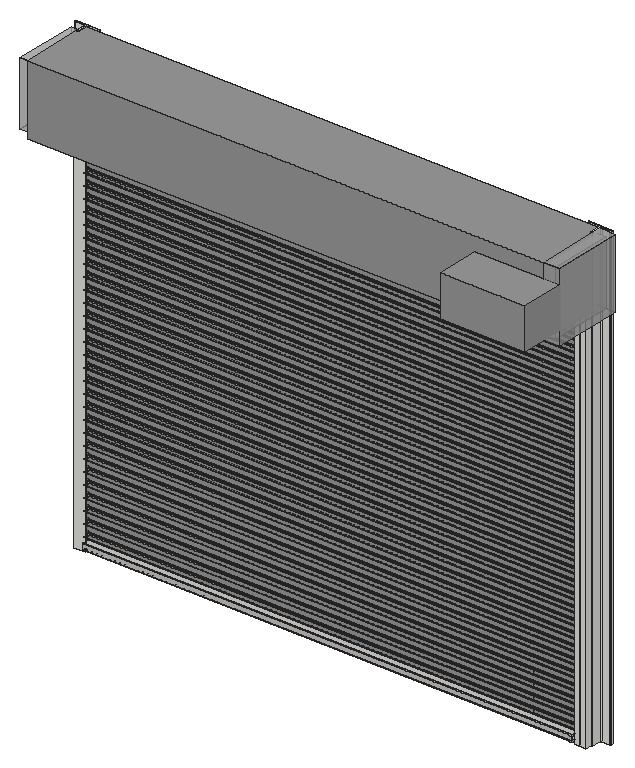
Revit family "Door-EntryDefender-FaceOfWallMount_Cornell_wTYPES", category Doors, host Wall, Revit 2016
Family settings
  Host = Wall
  OmniClass Number = 23.30.10.17.27.11
  OmniClass Title = Overhead Coiling
  Always vertical = Yes
  Cut with Voids When Loaded = No
  Shared = No
  Room Calculation Point = No
Parameters (values of type "Model PED 0101 - 14' x 10' Opening")
  Type Comments = ""
  SpectraSheild Coating Information [instance] = "https://www.cornelliron.com/accessory/spectrashield-powder-coating"  # constant formula
  Sizing for Opening Size = "Minimum 3ft x 3ft and Max Openings up to 14ft wide x 16ft high"  # constant formula
  Rating Offset = 0' - 4 1/2"
  Product Specification URL = "https://www.cornelliron.com/docs/default-source/specifications/cornell/sp_entrydefender_door.docx"
  Product Page URL = "https://www.cornelliron.com/product/entrydefender-door"
  Opening Width = 14' - 0"
  Non-Fire-Rated = yes
  Motor = "Externally Mounted "  # constant formula
  Manufacturer Phone = "800-233-8366"  # constant formula
  Manufacturer Fax [instance] = "800-434-8097"  # constant formula
  Manufacturer Email = "marketing@cornelliron.com"  # constant formula
  Manufacturer Address = "24 Elmwood Avenue Mountain Top, PA 18707"  # constant formula
  Listings = "ICC 500 - 2014, FEMA P-361, [UL10B, UL1784 (fire rated model only)]"  # constant formula
  Jamb Dimension Note = "4 - 8In wide and 5-6In deep. Consult CornellIron when dimensions are critical."  # constant formula
  Operator Right Side Horizontal OR = yes
  Operator Left Side Horizontal OR = no
  Opening Height = 10' - 0"
  Operator Right Side Top OR = no
  Operator Left Side Top OR = no
  Guide Material = Steel
  Guide Height = Height - A Coil Hood Height  # 11' - 2"
  E = 0' - 7 3/8"
  D = 0' - 3 1/2"  # constant formula
  Rough Height = 10' - 0 1/2"
  Product Options = "Seismic Performance Validation. Standard Emergency Annuciator: [ADA Compliant horn/strobe.  Voice Warning Module                                 \r\nStandard : Emergency Annunciator: [ADA compliant horn/strobe] [Voice Warning Module] emergency annunciator to give advanced warning that door is about to close, activating warning signal upon alarm or activation. \r\nStandard : Battery Back-Up: Model R-BBU Battery Back-Up System for AlarmGard Motor Operator: Prevent gravity closure for a minimum of four hours due to power failure.\r\nOperator and Full Bracket Mechanism Cover: Provide minimum 24 gauge [galvanized steel] [stainless steel] sheet metal cover [to provide weather resistance] [to enclose exposed moving operating components] at coil area of unit. Finish to match door hood."  # constant formula
  Operator Width = Width + 0' 9"  # 14' - 9"
  Guard Width = Width + if(Rating Offset = 0' 4 1/2", 0' 2 1/4", 0' 3 1/4")  # 14' - 2 1/4"
  Function = Interior
  Door Material [instance] = Metal - Steel, Galvanized - CornellIron - SpectraShield Powder Coating - Grey
  Cost Note = "Based on size, materials selected. Consult CornellIron ."  # constant formula
  Cost = 0
  CornellIron Products = ""
  Cookson Custom Finishes [instance] = "https://www.cornelliron.com/customization/ral-colors"  # constant formula
  Coil Dimension Note = "Consult CornellIron when dimensions are critical."  # constant formula
  Clearances on Operator side Note = "9In-11In wide. Consult CornellIron when dimensions are critical."  # constant formula
  Clearances on Adjuster side Note = "6In - 8In wide. Consult CornellIron when dimensions are critical."  # constant formula
  CAD Resources = ""
  C = 0' - 5 1/2"  # constant formula
  Mounting = "Face of Wall "  # constant formula
  Wall Construction = "Steel or Masonry"  # constant formula
  CornellIron Projects = ""
  URL = "https://www.cornelliron.com/"
  Subcategory = "Roll Up"
  Operator Height = 5' - 4"
  Operation = "Motor Operator"  # constant formula
  Operator on Right = not(or(Operator Left Side Horizontal OR, Operator Left Side Top OR))  # yes
  Operator on Left = not(or(Operator Right Side Horizontal OR, Operator Right Side Top OR))  # no
  Model = "PED0101"  # constant formula
  Manufacturer = "Cornell"  # constant formula
  Height = if(Opening Height < 3' 0", 3' 0", if(Opening Height > 16' 0", 16' 0", Opening Height)) + 3' 2"  # 13' - 2"
  Wall Closure = By host
  Width = if(Opening Width < 3' 0", 3' 0", if(Opening Width > 14' 0", 14' 0", Opening Width))  # 14' - 0"
  Description = "Steel curtain with face of wall mounted guides"  # constant formula
  Construction Type = ""
  Bottom Bar Material = 12 gauge Steel
  B Coil Hood Depth = A Coil Hood Height  # 2' - 0"
  Assembly Code = "B2030410"
  Analytic Construction = "<None>"
  A Coil Hood Height = 2' - 0"
  95 CSI = "08330"  # constant formula
  Representative Disclaimer = "CornellIron products are sold and installed through a nationwide network of independent distributors."  # constant formula
  Distributor Locator = ""
  04 CSI = "08 33 00"  # constant formula
  # Of Slats = (Guide Height / 0' 4")  # 34
Reference planes (in)
  plane 1 "Center (Front/Back)": y = 0
  plane 2 "Center (Left/Right)": x = 36.5
  plane 3 "Left": x = -47.5
  plane 4 "Right": x = 120.5
  plane 5 "Wall Edge": y = -3.25
  plane 6 "Top of Hood": z = 158
  plane 7: z = 4.39975
  plane 8: z = 4.39975
  plane 9: z = 6.41361
  plane 10: z = 10.41361
  plane 11: y = -5.125
  plane 12 "RatingOffset": x = -52
  plane 13 "Right Opening": x = -50
  plane 14 "Left Opening": x = 123
  plane 15: y = -6.249
  plane 16: x = -51.625
  plane 17: x = 125
  plane 18: x = 123.875
  plane 19: z = 120
  plane 20: z = 201
  plane 21: x = 146.5
  plane 22: x = 74
  plane 23: z = 48
  plane 24 "CurtainSlatFace": y = -7.5625
  plane 25: z = 1.094
  plane 26: y = -7.6671
  plane 27: y = -10.6671
  plane 28: z = 3.094
Forms (in)
  Extrusion 1, solid, material "Metal - Steel, Galvanized - CornellIron - SpectraShield Powder Coating - Grey" <- "Door Material"
    sketch origin (36.5, 5.6875, 0) x (0, 1, 0) y (0, 0, 1)
      loop
        arc (-14.54091, 1.094) -> (-14.68883, 1.03273) -> (-14.75011, 0.8848) r 0.2092
        line (-14.75011, 0.8848) -> (-14.75011, 0.2092)
        arc (-14.75011, 0.2092) -> (-14.68883, 0.06127) -> (-14.54091, 0) r 0.2092
        line (-14.54091, 0) -> (-13.4592, 0)
        arc (-13.4592, 0) -> (-13.31127, 0.06127) -> (-13.25, 0.2092) r 0.2092
        line (-13.25, 0.2092) -> (-13.25, 3.7908)
        arc (-13.25, 3.7908) -> (-13.31127, 3.93873) -> (-13.4592, 4) r 0.2092
        line (-13.4592, 4) -> (-14.54091, 4)
        arc (-14.54091, 4) -> (-14.61487, 4.03064) -> (-14.64551, 4.1046) r 0.1046
        line (-14.64551, 4.1046) -> (-14.64551, 5.2704)
        arc (-14.64551, 5.2704) -> (-14.61487, 5.34436) -> (-14.54091, 5.375) r 0.1046
        line (-14.54091, 5.375) -> (-13.8546, 5.375)
        arc (-13.8546, 5.375) -> (-13.78064, 5.34436) -> (-13.75, 5.2704) r 0.1046
        line (-13.75, 5.2704) -> (-13.75, 4.75) -> (-13.6454, 4.75) -> (-13.6454, 5.2704)
        arc (-13.6454, 5.2704) -> (-13.70667, 5.41833) -> (-13.8546, 5.4796) r 0.2092
        line (-13.8546, 5.4796) -> (-14.54091, 5.4796)
        arc (-14.54091, 5.4796) -> (-14.68883, 5.41833) -> (-14.75011, 5.2704) r 0.2092
        line (-14.75011, 5.2704) -> (-14.75011, 4.1046)
        arc (-14.75011, 4.1046) -> (-14.68883, 3.95667) -> (-14.54091, 3.8954) r 0.2092
        line (-14.54091, 3.8954) -> (-13.4592, 3.8954)
        arc (-13.4592, 3.8954) -> (-13.38524, 3.86476) -> (-13.3546, 3.7908) r 0.1046
        line (-13.3546, 3.7908) -> (-13.3546, 0.2092)
        arc (-13.3546, 0.2092) -> (-13.38524, 0.13524) -> (-13.4592, 0.1046) r 0.1046
        line (-13.4592, 0.1046) -> (-14.54091, 0.1046)
        arc (-14.54091, 0.1046) -> (-14.61487, 0.13524) -> (-14.64551, 0.2092) r 0.1046
        line (-14.64551, 0.2092) -> (-14.64551, 0.8848)
        arc (-14.64551, 0.8848) -> (-14.61487, 0.95876) -> (-14.54091, 0.9894) r 0.1046
        line (-14.54091, 0.9894) -> (-13.9375, 0.9894) -> (-13.9375, 1.094) -> (-14.54091, 1.094)
      loop
        arc (-14.35818, 0.95815) -> (-14.50611, 0.89688) -> (-14.56738, 0.74895) r 0.2092
        line (-14.56738, 0.74895) -> (-14.56738, 0.34505)
        arc (-14.56738, 0.34505) -> (-14.50611, 0.19712) -> (-14.35818, 0.13585) r 0.2092
        line (-14.35818, 0.13585) -> (-13.43273, 0.13585) -> (-13.43273, 0.24045) -> (-14.35818, 0.24045)
        arc (-14.35818, 0.24045) -> (-14.43215, 0.27109) -> (-14.46278, 0.34505) r 0.1046
        line (-14.46278, 0.34505) -> (-14.46278, 0.74895)
        arc (-14.46278, 0.74895) -> (-14.43215, 0.82291) -> (-14.35818, 0.85355) r 0.1046
        line (-14.35818, 0.85355) -> (-13.43273, 0.85355) -> (-13.43273, 0.95815) -> (-14.35818, 0.95815)
    from -85.125 to 85.125
  Extrusion 2, solid, material "12 gauge Steel" <- "Bottom Bar Material"
    sketch origin (-47.5, 0, 0) x (0, -1, 0) y (0, 0, 1)
      loop
        arc (7.8763, 3.094) -> (7.72837, 3.03273) -> (7.6671, 2.8848) r 0.2092
        line (7.6671, 2.8848) -> (7.6671, 1.30494)
        arc (7.6671, 1.30494) -> (7.72888, 1.15578) -> (7.87804, 1.094) r 0.21094
        line (7.87804, 1.094) -> (10.45616, 1.094)
        arc (10.45616, 1.094) -> (10.60532, 1.15578) -> (10.6671, 1.30494) r 0.21094
        line (10.6671, 1.30494) -> (10.6671, 2.88306)
        arc (10.6671, 2.88306) -> (10.60532, 3.03222) -> (10.45616, 3.094) r 0.21094
        line (10.45616, 3.094) -> (7.8763, 3.094)
      loop
        arc (7.98351, 2.98853) -> (7.83435, 2.92675) -> (7.77257, 2.77759) r 0.21094
        line (7.77257, 2.77759) -> (7.77257, 1.41041)
        arc (7.77257, 1.41041) -> (7.83435, 1.26125) -> (7.98351, 1.19947) r 0.21094
        line (7.98351, 1.19947) -> (10.35069, 1.19947)
        arc (10.35069, 1.19947) -> (10.49985, 1.26125) -> (10.56163, 1.41041) r 0.21094
        line (10.56163, 1.41041) -> (10.56163, 2.77759)
        arc (10.56163, 2.77759) -> (10.49985, 2.92675) -> (10.35069, 2.98853) r 0.21094
        line (10.35069, 2.98853) -> (7.98351, 2.98853)
    from -168 to 0
Lines and regions (in)
  Opening 1
    outline origin (-90, -3.25, 0) x (1, 0, 0) y (0, 0, 1)
      loop
        line (42.5, 0) -> (210.5, 0) -> (210.5, 120) -> (42.5, 120) -> (42.5, 0)
  symbolic lines
    curve 1: line (-48.625, -7.5625, 0) -> (121.625, -7.5625, 0)
    curve 2: line (-48.625, -9.06261, 0) -> (-48.625, -7.5625, 0)
    curve 3: line (121.625, -9.06261, 0) -> (-48.625, -9.06261, 0)
    curve 4: line (121.625, -7.5625, 0) -> (121.625, -9.06261, 0)
Text (in)
  text "Exterior" at (-74.96733, 43.29818, 0), in view "Ref. Level"
  text "Interior" at (-74.96733, -25.14366, 0), in view "Ref. Level"
  text "Exterior" at (0, 40.15149, 123.01588), in view "Right"
  text "Interior" at (0, -64.39139, 123.01588), in view "Right"
  text "Interior" at (0, -99.68667, 224.54229), in view "Left"
  text "Exterior" at (0, 121.89301, 224.54229), in view "Left"
Dimensions and locks (in)
  equal spacing: plane 3 "Left", plane 2 "Center (Left/Right)", plane 4 "Right"
  "Width": plane 3 "Left" to plane 4 "Right"
  locked: level to plane 7 at 4.39975
  locked: level to plane 8 at 4.39975
  locked: plane 9 to level at 6.41361
  level to plane 10 = 0' - 10.41361"
  locked: plane 13 "Right Opening" to plane 3 "Left" at 2.5
  locked: plane 4 "Right" to plane 14 "Left Opening" at 2.5
  locked: plane 5 "Wall Edge" to plane 11 at 1.875
  locked: plane 5 "Wall Edge" to plane 15 at 2.999
  locked: plane 17 to plane 18 at 1.125
  "Rating Offset": plane 4 "Right" to plane 17
  "Rating Offset": plane 12 "RatingOffset" to plane 3 "Left"
  locked: plane 16 to plane 3 "Left" at 4.125
  plane 23 to level = 4' - 0"
  plane 14 "Left Opening" to plane 21 = 1' - 11 1/2"
  "Opening Height": level to plane 19
  "Height": plane 6 "Top of Hood" to level
  equal spacing: group 1, group 2, group 3, group 4, group 5, group 6, group 7, group 8, group 9, group 10, group 11, group 12, group 13, group 14, group 15, group 16, group 17, group 18, group 19, group 20, group 21, group 22, group 23, group 24, group 25, group 26, group 27, group 28, group 29, group 30, group 31, group 32, group 33, group 34  (x3)
  nested 1 to nested 1 = 2' - 0"  (x3)
  "A Coil Hood Height": nested 1 to plane 6 "Top of Hood"
  nested 1 to level = 13' - 2"
  nested 1 to level = 11' - 2"
  nested 13 to level = 13' - 2"
  plane 3 "Left" to plane 4 "Right" = 14' - 0"
  locked: plane 5 "Wall Edge" to plane 24 "CurtainSlatFace" at 4.3125
  locked: plane 5 "Wall Edge" to nested 1 at 1.25
  locked: plane 12 "RatingOffset" to Extrusion 1 at 3.375
  locked: plane 17 to Extrusion 1 at 3.375
  plane 5 "Wall Edge" to nested 1 = 2' - 1 1/4"
  plane 5 "Wall Edge" to nested 1 = 0' - 1 1/4"
  locked: Extrusion 2 sketch curve to Extrusion 2 sketch curve at 0.10547
  locked: Extrusion 2 sketch curve to plane 27 at 0.10547
  locked: plane 28 to Extrusion 2 sketch curve at 0.10547
  locked: Extrusion 2 sketch curve to plane 25 at 0.10547
  plane 24 "CurtainSlatFace" to plane 26 to plane 27 = 0' - 0.1046" locked, 0' - 3" locked
  aligned and locked: Opening 1 sketch curve to level
  aligned and locked: plane 5 "Wall Edge" to host wall
  aligned and locked: plane 4 "Right" to Opening 1 sketch curve
  aligned and locked: plane 3 "Left" to Opening 1 sketch curve
  aligned and locked: nested 2 to plane 2 "Center (Left/Right)"
  aligned and locked: nested 3 to plane 2 "Center (Left/Right)"
  aligned and locked: nested 14 to plane 17
  aligned and locked: nested 14 to plane 5 "Wall Edge"
  aligned and locked: plane 5 "Wall Edge" to nested 13
  aligned and locked: plane 24 "CurtainSlatFace" to Extrusion 1
  aligned and locked: plane 12 "RatingOffset" to nested 13
  aligned and locked: plane 24 "CurtainSlatFace" to nested 2
  aligned and locked: curve 2 to nested 13
  aligned and locked: curve 4 to nested 14
  aligned and locked: plane 27 to Extrusion 2 sketch curve
  aligned and locked: Extrusion 2 sketch curve to plane 26
  aligned and locked: Extrusion 2 sketch curve to plane 28
  aligned and locked: plane 25 to Extrusion 2 sketch curve
  aligned and locked: Extrusion 2 to plane 4 "Right"
  aligned and locked: plane 3 "Left" to Extrusion 2
Automatic sketch dimensions
  Opening 1 sketch curve to plane 19 = 0' - 0"
  Extrusion 1 sketch curve to Extrusion 1 sketch curve = 0' - 0"  (x37)
  Extrusion 1 sketch curve to Extrusion 1 sketch curve = 0' - 0.1046"  (x10)
  Extrusion 1 sketch curve to Extrusion 1 sketch curve = 0' - 0.60341"
  Extrusion 1 sketch curve to Extrusion 1 sketch curve = 0' - 0.68631"
  Extrusion 1 sketch curve to Extrusion 1 sketch curve = 0' - 1.08171"
  Extrusion 1 sketch curve to Extrusion 1 sketch curve = 0' - 0.1862"
  Extrusion 1 sketch curve to Extrusion 1 sketch curve = 0' - 0.02648"
  Extrusion 1 sketch curve to Extrusion 1 sketch curve = 0' - 0.50477"
  Extrusion 1 sketch curve to Extrusion 1 sketch curve = 0' - 0.02647"
  Extrusion 1 sketch curve to Extrusion 1 sketch curve = 0' - 0 1/32"
  Extrusion 1 sketch curve to Extrusion 1 sketch curve = 0' - 0.13585"
  Extrusion 1 sketch curve to Extrusion 1 sketch curve = 0' - 0.4039"
  Extrusion 1 sketch curve to Extrusion 1 sketch curve = 0' - 2.6968"
  Extrusion 1 sketch curve to Extrusion 1 sketch curve = 0' - 0 3/4"
  Extrusion 1 sketch curve to Extrusion 1 sketch curve = 0' - 0.5204"
  curve 2 to curve 3 = 14' - 2 1/4"
  curve 2 to curve 2 = 0' - 1.50011"
  Extrusion 1 sketch curve to level = 0' - 0"
  Extrusion 1 sketch curve to plane 24 "CurtainSlatFace" = 0' - 0"
  curve 4 to plane 24 "CurtainSlatFace" = 0' - 0"
  curve 4 to plane 24 "CurtainSlatFace" = 0' - 1.50011"
  Extrusion 2 sketch curve to plane 26 = 0' - 0.2092"
  Extrusion 2 sketch curve to Extrusion 2 sketch curve = 0' - 0 27/256"  (x4)
  Extrusion 2 sketch curve to Extrusion 2 sketch curve = 0' - 0.10721"
  plane 27 to Extrusion 2 sketch curve = 0' - 0 81/256"  (x2)
  Extrusion 2 sketch curve to Extrusion 2 sketch curve = 0' - 0"
Nested families (in)
  nested 1: "Coil Hood" at (36.5, -13, 79.5), Door Material <- "Door Material", type "Parametric"
    with Door Material Metal - Steel, Galvanized - CornellIron - SpectraShield Powder Coating - Grey, Top Left no, Top Operator CL 0' - 4 7/8", Right yes, Operator Cover Left no, Opeator Cover Right yes, Left no, Horizontal Right yes, E 0' - 4 7/8", B Coil Hood Depth 2' - 0", A Coil Hood Height 2' - 0"
  nested 2: "Curtain Slat Design" at (119.84707, -8.51, 7.40625) x (-1, 0, 0) z (0, 0, 1), Door Material <- "Door Material", type "Parametric"
    with No Of Stuts Upper 17, No Of Stuts 18, Door Material Metal - Steel, Galvanized - CornellIron - SpectraShield Powder Coating - Grey, Distance Horizontal Placement 0' - 9"
  nested 3: "Curtain Slat Design" at (119.84707, -8.51, 11.40625) x (-1, 0, 0) z (0, 0, 1), Door Material <- "Door Material", type "Parametric"
    with No Of Stuts Upper 17, No Of Stuts 18, Door Material Metal - Steel, Galvanized - CornellIron - SpectraShield Powder Coating - Grey, Distance Horizontal Placement 0' - 9"
  nested 4: "Curtain Slat Design" at (119.84707, -8.51, 15.40625) x (-1, 0, 0) z (0, 0, 1), Door Material <- "Door Material", type "Parametric"
    with No Of Stuts Upper 17, No Of Stuts 18, Door Material Metal - Steel, Galvanized - CornellIron - SpectraShield Powder Coating - Grey, Distance Horizontal Placement 0' - 9"
  nested 5: "Curtain Slat Design" at (119.84707, -8.51, 19.40625) x (-1, 0, 0) z (0, 0, 1), Door Material <- "Door Material", type "Parametric"
    with No Of Stuts Upper 17, No Of Stuts 18, Door Material Metal - Steel, Galvanized - CornellIron - SpectraShield Powder Coating - Grey, Distance Horizontal Placement 0' - 9"
  nested 6: "Curtain Slat Design" at (119.84707, -8.51, 23.40625) x (-1, 0, 0) z (0, 0, 1), Door Material <- "Door Material", type "Parametric"
    with No Of Stuts Upper 17, No Of Stuts 18, Door Material Metal - Steel, Galvanized - CornellIron - SpectraShield Powder Coating - Grey, Distance Horizontal Placement 0' - 9"
  nested 7: "Curtain Slat Design" at (119.84707, -8.51, 27.40625) x (-1, 0, 0) z (0, 0, 1), Door Material <- "Door Material", type "Parametric"
    with No Of Stuts Upper 17, No Of Stuts 18, Door Material Metal - Steel, Galvanized - CornellIron - SpectraShield Powder Coating - Grey, Distance Horizontal Placement 0' - 9"
  nested 8: "Curtain Slat Design" at (119.84707, -8.51, 31.40625) x (-1, 0, 0) z (0, 0, 1), Door Material <- "Door Material", type "Parametric"
    with No Of Stuts Upper 17, No Of Stuts 18, Door Material Metal - Steel, Galvanized - CornellIron - SpectraShield Powder Coating - Grey, Distance Horizontal Placement 0' - 9"
  nested 9: "Curtain Slat Design" at (119.84707, -8.51, 35.40625) x (-1, 0, 0) z (0, 0, 1), Door Material <- "Door Material", type "Parametric"
    with No Of Stuts Upper 17, No Of Stuts 18, Door Material Metal - Steel, Galvanized - CornellIron - SpectraShield Powder Coating - Grey, Distance Horizontal Placement 0' - 9"
  nested 10: "Curtain Slat Design" at (119.84707, -8.51, 39.40625) x (-1, 0, 0) z (0, 0, 1), Door Material <- "Door Material", type "Parametric"
    with No Of Stuts Upper 17, No Of Stuts 18, Door Material Metal - Steel, Galvanized - CornellIron - SpectraShield Powder Coating - Grey, Distance Horizontal Placement 0' - 9"
  nested 11: "Curtain Slat Design" at (119.84707, -8.51, 43.40625) x (-1, 0, 0) z (0, 0, 1), Door Material <- "Door Material", type "Parametric"
    with No Of Stuts Upper 17, No Of Stuts 18, Door Material Metal - Steel, Galvanized - CornellIron - SpectraShield Powder Coating - Grey, Distance Horizontal Placement 0' - 9"
  nested 12: "Curtain Slat Design" at (119.84707, -8.51, 47.40625) x (-1, 0, 0) z (0, 0, 1), Door Material <- "Door Material", type "Parametric"
    with No Of Stuts Upper 17, No Of Stuts 18, Door Material Metal - Steel, Galvanized - CornellIron - SpectraShield Powder Coating - Grey, Distance Horizontal Placement 0' - 9"
  nested 13: "Jamb-Guide_Wall-2" at (-51.5, -9.5, 0), Door Material <- "Guide Material", type "Parametric"
    with Door Material Steel, Height 13' - 2", A Coil Hood Height 2' - 0"
  nested 14: "Jamb-Guide_Wall-2" at (124.5, -9.5, 0) x (-1, 0, 0) z (0, 0, 1), Door Material <- "Guide Material", type "Parametric"
    with Door Material Steel, Height 13' - 2", A Coil Hood Height 2' - 0"
  nested 15: "Curtain Slat Design" at (119.84707, -8.51, 51.40625) x (-1, 0, 0) z (0, 0, 1), Door Material <- "Door Material", type "Parametric"
    with No Of Stuts Upper 17, No Of Stuts 18, Door Material Metal - Steel, Galvanized - CornellIron - SpectraShield Powder Coating - Grey, Distance Horizontal Placement 0' - 9"
  nested 16: "Curtain Slat Design" at (119.84707, -8.51, 55.40625) x (-1, 0, 0) z (0, 0, 1), Door Material <- "Door Material", type "Parametric"
    with No Of Stuts Upper 17, No Of Stuts 18, Door Material Metal - Steel, Galvanized - CornellIron - SpectraShield Powder Coating - Grey, Distance Horizontal Placement 0' - 9"
  nested 17: "Curtain Slat Design" at (119.84707, -8.51, 59.40625) x (-1, 0, 0) z (0, 0, 1), Door Material <- "Door Material", type "Parametric"
    with No Of Stuts Upper 17, No Of Stuts 18, Door Material Metal - Steel, Galvanized - CornellIron - SpectraShield Powder Coating - Grey, Distance Horizontal Placement 0' - 9"
  nested 18: "Curtain Slat Design" at (119.84707, -8.51, 63.40625) x (-1, 0, 0) z (0, 0, 1), Door Material <- "Door Material", type "Parametric"
    with No Of Stuts Upper 17, No Of Stuts 18, Door Material Metal - Steel, Galvanized - CornellIron - SpectraShield Powder Coating - Grey, Distance Horizontal Placement 0' - 9"
  nested 19: "Curtain Slat Design" at (119.84707, -8.51, 67.40625) x (-1, 0, 0) z (0, 0, 1), Door Material <- "Door Material", type "Parametric"
    with No Of Stuts Upper 17, No Of Stuts 18, Door Material Metal - Steel, Galvanized - CornellIron - SpectraShield Powder Coating - Grey, Distance Horizontal Placement 0' - 9"
  nested 20: "Curtain Slat Design" at (119.84707, -8.51, 71.40625) x (-1, 0, 0) z (0, 0, 1), Door Material <- "Door Material", type "Parametric"
    with No Of Stuts Upper 17, No Of Stuts 18, Door Material Metal - Steel, Galvanized - CornellIron - SpectraShield Powder Coating - Grey, Distance Horizontal Placement 0' - 9"
  nested 21: "Curtain Slat Design" at (119.84707, -8.51, 75.40625) x (-1, 0, 0) z (0, 0, 1), Door Material <- "Door Material", type "Parametric"
    with No Of Stuts Upper 17, No Of Stuts 18, Door Material Metal - Steel, Galvanized - CornellIron - SpectraShield Powder Coating - Grey, Distance Horizontal Placement 0' - 9"
  nested 22: "Curtain Slat Design" at (119.84707, -8.51, 79.40625) x (-1, 0, 0) z (0, 0, 1), Door Material <- "Door Material", type "Parametric"
    with No Of Stuts Upper 17, No Of Stuts 18, Door Material Metal - Steel, Galvanized - CornellIron - SpectraShield Powder Coating - Grey, Distance Horizontal Placement 0' - 9"
  nested 23: "Curtain Slat Design" at (119.84707, -8.51, 83.40625) x (-1, 0, 0) z (0, 0, 1), Door Material <- "Door Material", type "Parametric"
    with No Of Stuts Upper 17, No Of Stuts 18, Door Material Metal - Steel, Galvanized - CornellIron - SpectraShield Powder Coating - Grey, Distance Horizontal Placement 0' - 9"
  nested 24: "Curtain Slat Design" at (119.84707, -8.51, 87.40625) x (-1, 0, 0) z (0, 0, 1), Door Material <- "Door Material", type "Parametric"
    with No Of Stuts Upper 17, No Of Stuts 18, Door Material Metal - Steel, Galvanized - CornellIron - SpectraShield Powder Coating - Grey, Distance Horizontal Placement 0' - 9"
  nested 25: "Curtain Slat Design" at (119.84707, -8.51, 91.40625) x (-1, 0, 0) z (0, 0, 1), Door Material <- "Door Material", type "Parametric"
    with No Of Stuts Upper 17, No Of Stuts 18, Door Material Metal - Steel, Galvanized - CornellIron - SpectraShield Powder Coating - Grey, Distance Horizontal Placement 0' - 9"
  nested 26: "Curtain Slat Design" at (119.84707, -8.51, 95.40625) x (-1, 0, 0) z (0, 0, 1), Door Material <- "Door Material", type "Parametric"
    with No Of Stuts Upper 17, No Of Stuts 18, Door Material Metal - Steel, Galvanized - CornellIron - SpectraShield Powder Coating - Grey, Distance Horizontal Placement 0' - 9"
  nested 27: "Curtain Slat Design" at (119.84707, -8.51, 99.40625) x (-1, 0, 0) z (0, 0, 1), Door Material <- "Door Material", type "Parametric"
    with No Of Stuts Upper 17, No Of Stuts 18, Door Material Metal - Steel, Galvanized - CornellIron - SpectraShield Powder Coating - Grey, Distance Horizontal Placement 0' - 9"
  nested 28: "Curtain Slat Design" at (119.84707, -8.51, 103.40625) x (-1, 0, 0) z (0, 0, 1), Door Material <- "Door Material", type "Parametric"
    with No Of Stuts Upper 17, No Of Stuts 18, Door Material Metal - Steel, Galvanized - CornellIron - SpectraShield Powder Coating - Grey, Distance Horizontal Placement 0' - 9"
  nested 29: "Curtain Slat Design" at (119.84707, -8.51, 107.40625) x (-1, 0, 0) z (0, 0, 1), Door Material <- "Door Material", type "Parametric"
    with No Of Stuts Upper 17, No Of Stuts 18, Door Material Metal - Steel, Galvanized - CornellIron - SpectraShield Powder Coating - Grey, Distance Horizontal Placement 0' - 9"
  nested 30: "Curtain Slat Design" at (119.84707, -8.51, 111.40625) x (-1, 0, 0) z (0, 0, 1), Door Material <- "Door Material", type "Parametric"
    with No Of Stuts Upper 17, No Of Stuts 18, Door Material Metal - Steel, Galvanized - CornellIron - SpectraShield Powder Coating - Grey, Distance Horizontal Placement 0' - 9"
  nested 31: "Curtain Slat Design" at (119.84707, -8.51, 115.40625) x (-1, 0, 0) z (0, 0, 1), Door Material <- "Door Material", type "Parametric"
    with No Of Stuts Upper 17, No Of Stuts 18, Door Material Metal - Steel, Galvanized - CornellIron - SpectraShield Powder Coating - Grey, Distance Horizontal Placement 0' - 9"
  nested 32: "Curtain Slat Design" at (119.84707, -8.51, 119.40625) x (-1, 0, 0) z (0, 0, 1), Door Material <- "Door Material", type "Parametric"
    with No Of Stuts Upper 17, No Of Stuts 18, Door Material Metal - Steel, Galvanized - CornellIron - SpectraShield Powder Coating - Grey, Distance Horizontal Placement 0' - 9"
  nested 33: "Curtain Slat Design" at (119.84707, -8.51, 123.40625) x (-1, 0, 0) z (0, 0, 1), Door Material <- "Door Material", type "Parametric"
    with No Of Stuts Upper 17, No Of Stuts 18, Door Material Metal - Steel, Galvanized - CornellIron - SpectraShield Powder Coating - Grey, Distance Horizontal Placement 0' - 9"
  nested 34: "Curtain Slat Design" at (119.84707, -8.51, 127.40625) x (-1, 0, 0) z (0, 0, 1), Door Material <- "Door Material", type "Parametric"
    with No Of Stuts Upper 17, No Of Stuts 18, Door Material Metal - Steel, Galvanized - CornellIron - SpectraShield Powder Coating - Grey, Distance Horizontal Placement 0' - 9"
  nested 35: "Curtain Slat Design" at (119.84707, -8.51, 131.40625) x (-1, 0, 0) z (0, 0, 1), Door Material <- "Door Material", type "Parametric"
    with No Of Stuts Upper 17, No Of Stuts 18, Door Material Metal - Steel, Galvanized - CornellIron - SpectraShield Powder Coating - Grey, Distance Horizontal Placement 0' - 9"
  nested 36: "Curtain Slat Design" at (119.84707, -8.51, 135.40625) x (-1, 0, 0) z (0, 0, 1), Door Material <- "Door Material", type "Parametric"
    with No Of Stuts Upper 17, No Of Stuts 18, Door Material Metal - Steel, Galvanized - CornellIron - SpectraShield Powder Coating - Grey, Distance Horizontal Placement 0' - 9"
  nested 37: "Curtain Slat Design" at (119.84707, -8.51, 139.40625) x (-1, 0, 0) z (0, 0, 1), Door Material <- "Door Material", type "Parametric"
    with No Of Stuts Upper 17, No Of Stuts 18, Door Material Metal - Steel, Galvanized - CornellIron - SpectraShield Powder Coating - Grey, Distance Horizontal Placement 0' - 9"
Definition of nested family "Coil Hood"
  Parameters (values of type "Parametric")
    Width = 14' - 9"
    Top Right = no
    Top Left = yes
    Top Operator CL = (B Coil Hood Depth / 2) - 0' 7 1/8"  # 0' - 7 3/8"
    Right Motor Visible = not(Motor)  # yes
    Right = no
    Pull = no
    Operator Height = Height / 1.5  # 3' - 6.66667"
    Operator Extents = none
    Operator Cover Left = yes
    Opeator Cover Right = no
    Motor = no
    Door Material [instance] = none
    Line = no
    Left Motor Visible = not(Motor)  # yes
    Left = yes
    Horizontal Right = no
    Horizontal Left = no
    Height = 5' - 4"
    Hand Crank = no
    E = (A Coil Hood Height - 1' 2 1/4") / 2  # 0' - 7 3/8"
    D = 0' - 3 1/2"
    C = 0' - 5 1/2"
    Bottom Bar = none
    B Coil Hood Depth = A Coil Hood Height  # 2' - 5"
    Assembly Code = ""
    Analytic Construction = "<None>"
    A Coil Hood Height = 2' - 5"
  Reference planes (in)
    plane 1 "Center (Front/Back)": y = 0
    plane 2: z = 0
    plane 3 "Center (Left/Right)": x = 0
    plane 4: x = -98.5
    plane 5: x = 98.5
    plane 6: z = 64
    plane 7: y = 8.5
    plane 8: z = 54.5
    plane 9: y = 6.625
    plane 10: x = -94
    plane 11: x = 94
    plane 12: x = -104
    plane 13: x = 104
    plane 14: x = 103.75
    plane 15: x = -103.75
    plane 16: z = 73.5
    plane 17: y = -13
    plane 18: y = -28.5
    plane 19: x = -87.125
    plane 20 "Left Side": x = -88.5
    plane 21 "Right Side": x = 88.5
    plane 22: y = -11.5
    plane 23: y = -26.1875
    plane 24: x = 79.3125
    plane 25: x = -79.3125
    plane 26: x = 65
    plane 27: x = -65
    plane 28: z = 83.5
    plane 29 "Top": z = 83.5
    plane 30: y = -20.5
    plane 31 "Horz CL": z = 69
  Forms (in)
    Sweep 1, solid, material <- "Door Material"
      path origin (-42.75, -180, 54.5) x (0, -1, 0) y (1, 0, 0)
        loop
          line (-188.5, -45.75) -> (-188.5, 131.25)
      profile "Profile_Hood : Profile_Hood" origin (0, 8.5, 54.5) x (0, 1, 0) y (0, 0, 1)
        loop
          line (-29, 29) -> (-29, 0) -> (0, 0) -> (0, 29) -> (-29, 29)
    Sweep 2, solid, material <- "Operator Extents", visible <- "Operator Cover Left"
      path origin (0, 0, 0) x (1, 0, 0) y (0, 0, 1)
        loop
          line (-88.5, 64) -> (-94, 64)
      profile origin (-91.25, 0, 64) x (0, 0, -1) y (0, -1, 0)
        loop
          line (-19.5, 20.5) -> (-19.5, -8.5) -> (9.5, -8.5) -> (9.5, 20.5) -> (-19.5, 20.5)
    Sweep 3, solid, material <- "Operator Extents", visible <- "Opeator Cover Right"
      path origin (0, 0, 0) x (-1, 0, 0) y (0, 0, 1)
        loop
          line (-88.5, 64) -> (-94, 64)
      profile origin (91.25, 0, 64) x (0, 0, 1) y (0, -1, 0)
        loop
          line (19.5, -8.5) -> (19.5, 20.5) -> (-9.5, 20.5) -> (-9.5, -8.5) -> (19.5, -8.5)
    Extrusion 4, solid, material <- "Door Material", visible <- "Horizontal Right"
      sketch origin (0.8125, 0, -0.8125) x (1, 0, 0) y (0, 1, 0)
        loop
          line (93.1875, -35.1875) -> (93.1875, -20.5) -> (64.1875, -20.5) -> (64.1875, -35.1875) -> (93.1875, -35.1875)
      from 62.6875 to 76.9375
    Extrusion 5, solid, material <- "Door Material", visible <- "Horizontal Left"
      sketch origin (-0.8125, 0, -12.21875) x (1, 0, 0) y (0, 1, 0)
        loop
          line (-93.1875, -35.1875) -> (-64.1875, -35.1875) -> (-64.1875, -20.5) -> (-93.1875, -20.5) -> (-93.1875, -35.1875)
      from 74.09375 to 88.34375
    Extrusion 6, solid, material <- "Door Material", visible <- "Top Left"
      sketch origin (0, 0, 83.5) x (0, 1, 0) y (-1, 0, 0)
        loop
          line (1.125, 94) -> (-13.125, 94) -> (-13.125, 65) -> (1.125, 65) -> (1.125, 94)
      from 0 to 14.25
    Extrusion 7, solid, material <- "Door Material", visible <- "Top Right"
      sketch origin (0, 0, 83.5) x (0, 1, 0) y (-1, 0, 0)
        loop
          line (1.125, -94) -> (1.125, -65) -> (-13.125, -65) -> (-13.125, -94) -> (1.125, -94)
      from 0 to 14.25
    Extrusion 8, solid, material <- "Operator Extents", visible <- "Opeator Cover Right"
      sketch origin (-88.5, 0, 0) x (0, 0, 1) y (0, -1, 0)
        loop
          line (82.5, -7.5) -> (82.5, 19.5) -> (55.5, 19.5) -> (55.5, -7.5) -> (82.5, -7.5)
      from 0 to -3.5
    Extrusion 9, solid, material <- "Operator Extents"
      sketch origin (88.5, 0, 0) x (0, 0, 1) y (0, 1, 0)
        loop
          line (82.5, -19.5) -> (82.5, 7.5) -> (55.5, 7.5) -> (55.5, -19.5) -> (82.5, -19.5)
      from 0 to -3.5
  Lines and regions (in)
    symbolic lines, visible <- "Left"
      curve 1: line (-94, -22.5, 0) -> (-94, 8.5, 0)
    symbolic lines
      curve 2: line (-94, -20.5, 0) -> (94, -20.5, 0)
      curve 9: line (94, -20.5, 0) -> (94, 8.5, 0)
      curve 12: line (-94, 8.5, 0) -> (-94, -20.5, 0)
    symbolic lines, visible <- "Top Left"
      curve 3: line (-65, -35.1875, 0) -> (-65, -20.5, 0)
      curve 4: line (-94, -35.1875, 0) -> (-65, -35.1875, 0)
      curve 5: line (-94, -20.5, 0) -> (-94, -35.1875, 0)
      curve 11: line (-94, -20.5, 0) -> (-94, -35.1875, 0)
    symbolic lines, visible <- "Top Right"
      curve 6: line (65, -20.5, 0) -> (65, -35.1875, 0)
      curve 7: line (65, -35.1875, 0) -> (94, -35.1875, 0)
      curve 8: line (94, -35.1875, 0) -> (94, -20.5, 0)
    symbolic lines, visible <- "Right"
      curve 10: line (94, 8.5, 0) -> (94, -22.5, 0)
    symbolic lines, visible <- "Horizontal Left"
      curve 13: line (-65, -13.125, 0) -> (-65, 1.125, 0)
      curve 14: line (-94, -13.125, 0) -> (-65, -13.125, 0)
      curve 15: line (-94, 1.125, 0) -> (-65, 1.125, 0)
    symbolic lines, visible <- "Horizontal Right"
      curve 16: line (65, -13.125, 0) -> (65, 1.125, 0)
      curve 17: line (94, -13.125, 0) -> (65, -13.125, 0)
      curve 18: line (94, 1.125, 0) -> (65, 1.125, 0)
  Dimensions and locks (in)
    equal spacing: plane 4, plane 3 "Center (Left/Right)", plane 5
    "Height": plane 6 to level
    locked: plane 7 to plane 1 "Center (Front/Back)" at 8.5
    locked: plane 7 to plane 9 at 1.875
    locked: plane 11 to plane 5 at 4.5
    locked: plane 4 to plane 10 at 4.5
    locked: plane 12 to plane 4 at 5.5
    locked: plane 13 to plane 5 at 5.5
    locked: plane 12 to plane 15 at 0.25
    plane 14 to plane 13 = 0' - 0 1/4"
    equal spacing: plane 8, plane 6, plane 16
    plane 8 to plane 16 = 1' - 7"
    locked: plane 7 to plane 17 at 21.5
    locked: plane 17 to plane 18 at 15.5
    plane 7 to plane 17 to plane 18 = 1' - 9 1/2", 1' - 3 1/2"
    locked: plane 19 to plane 10 at 6.875
    "C": plane 20 "Left Side" to plane 10
    "C": plane 21 "Right Side" to plane 11
    plane 22 to plane 23 = 1' - 2 11/16"
    locked: plane 24 to plane 11 at 14.6875
    locked: plane 25 to plane 10 at 14.6875
    locked: plane 26 to plane 11 at 29
    locked: plane 27 to plane 10 at 29
    locked: Extrusion 5 sketch curve to Extrusion 5 sketch curve at 14.6875
    locked: Extrusion 5 to Extrusion 5 at 14.25
    locked: Extrusion 4 sketch curve to Extrusion 4 sketch curve at 14.6875
    "B Coil Hood Depth": plane 7 to plane 30
    "A Coil Hood Height": plane 8 to plane 29 "Top"
    equal spacing: plane 11, plane 3 "Center (Left/Right)", plane 10
    "Width": plane 21 "Right Side" to plane 20 "Left Side"
    equal spacing: plane 29 "Top", plane 31 "Horz CL", plane 8
    locked: plane 31 "Horz CL" to Extrusion 5 at 7.125
    locked: Extrusion 6 sketch curve to Extrusion 6 sketch curve at 14.25
    locked: Extrusion 7 sketch curve to Extrusion 7 sketch curve at 14.25
    "Top Operator CL": plane 7 to Extrusion 6
    locked: plane 29 "Top" to Extrusion 8 sketch curve at 1
    locked: Extrusion 8 sketch curve to plane 30 at 1
    locked: plane 8 to Extrusion 8 sketch curve at 1
    locked: plane 7 to Extrusion 8 sketch curve at 1
    locked: plane 20 "Left Side" to Extrusion 8 at 3.5
    locked: plane 21 "Right Side" to Extrusion 9 at 3.5
    aligned and locked: Sweep 1 sketch curve to plane 7
    aligned and locked: plane 20 "Left Side" to Sweep 1 sketch curve
    aligned and locked: plane 21 "Right Side" to Sweep 1 sketch curve
    aligned and locked: plane 20 "Left Side" to Sweep 2 sketch curve
    aligned and locked: plane 10 to Sweep 2 sketch curve
    aligned and locked: plane 21 "Right Side" to Sweep 3 sketch curve
    aligned and locked: plane 11 to Sweep 3 sketch curve
    aligned and locked: Extrusion 4 to plane 11
    aligned and locked: plane 26 to Extrusion 4
    aligned and locked: plane 27 to Extrusion 5
    aligned and locked: Sweep 2 sketch curve to Sweep 1  (x4)
    aligned and locked: Sweep 3 sketch curve to Sweep 1  (x4)
    aligned and locked: Extrusion 5 sketch curve to Sweep 2
    aligned and locked: Sweep 1 to Extrusion 4 sketch curve
    aligned and locked: curve 2 to Sweep 1
    aligned and locked: curve 3 to Extrusion 5
    aligned and locked: curve 4 to Extrusion 5
    aligned and locked: curve 5 to Extrusion 5
    aligned and locked: curve 6 to Extrusion 4
    aligned and locked: curve 7 to Extrusion 4
    aligned and locked: curve 8 to Extrusion 4
    aligned and locked: curve 9 to Sweep 3
    aligned and locked: curve 11 to Extrusion 5
    aligned and locked: curve 12 to Sweep 2
    aligned and locked: Extrusion 4 to Extrusion 5  (x2)
    aligned and locked: plane 26 to Extrusion 7 sketch curve
    aligned and locked: Extrusion 7 sketch curve to plane 11
    aligned and locked: Extrusion 7 sketch curve to Extrusion 6
    aligned and locked: Extrusion 7 to Extrusion 6
    aligned and locked: curve 15 to Extrusion 6
    aligned and locked: curve 14 to Extrusion 6
    aligned and locked: curve 18 to Extrusion 7
    aligned and locked: curve 17 to Extrusion 7
    aligned and locked: Extrusion 9 sketch curve to Extrusion 8  (x4)
  Automatic sketch dimensions
    Sweep 2 sketch curve to plane 6 = 0' - 0"
    Sweep 3 sketch curve to plane 6 = 0' - 0"
    curve 4 to plane 27 = 0' - 0"
    curve 13 to plane 27 = 0' - 0"
    curve 6 to plane 26 = 0' - 0"
    curve 16 to plane 26 = 0' - 0"
    curve 5 to plane 30 = 0' - 0"
    plane 18 to curve 6 = 0' - 6 11/16"
    plane 18 to curve 3 = 0' - 6 11/16"
    Extrusion 4 sketch curve to plane 26 = 0' - 0"
    Extrusion 4 sketch curve to plane 11 = 0' - 0"
    Extrusion 5 sketch curve to plane 10 = 0' - 0"
    Extrusion 5 sketch curve to plane 27 = 0' - 0"
    Extrusion 6 sketch curve to plane 10 = 0' - 0"
    Extrusion 6 sketch curve to plane 27 = 0' - 0"
    plane 17 to Extrusion 6 sketch curve = 0' - 0 1/8"
    curve 1 to curve 5 = 0' - 2"
    curve 1 to plane 7 = 0' - 0"
    curve 10 to curve 2 = 0' - 2"
    plane 7 to curve 9 = 0' - 0"
Definition of nested family "Curtain Slat Design"
  Parameters (values of type "Parametric")
    Width = 14' - 2 1/4"
    Vertical Rod Spacing = 0' - 2"
    Upper Corner Spacing = 0' - 10.22074"
    Door Material [instance] = none
    No Of Stuts Upper [instance] = Width / Distance Horizontal Placement - 2  # 17
    No Of Stuts [instance] = Width / Distance Horizontal Placement - 1  # 18
    Distance Horizontal Placement [instance] = 0' - 9"
    Curtain Spacing Vertical Chains 9" OC = no
    Curtain Spacing Vertical Chains 6" OC = yes
    Curtain Spacing Vertical Chains 3" OC = no
    Curtain Brick = yes
    Corner Spacing = 0' - 6 1/256"
    Assembly Code = ""
    Analytic Construction = "<None>"
  Reference planes (in)
    plane 1 "Center (Front/Back)": y = 0
    plane 2: z = -1.40625
    plane 3 "Center (Left/Right)": x = -1.77793
    plane 4: x = 83.34707
    plane 5: x = 168.47207
    plane 6: z = -3.40625
    plane 7: z = 0.59375
    plane 8: x = 4.22207
    plane 9: x = 162.47207
    plane 10: x = 8.72807
    plane 11: x = 61.26783
    plane 12: x = 168.44006
    plane 13: x = 157.72597
    plane 14: x = 18.46122
    plane 15: z = 0.59375
  Forms (in)
    Extrusion 1, solid, material <- "Door Material", visible <- "Curtain Brick"
      sketch origin (1.38268, 0, 0) x (0, 1, 0) y (0, 0, 1)
        loop
          line (-0.4475, 1.34375) -> (-0.4475, 1.86402)
          arc (-0.4475, 1.86402) -> (-0.41682, 1.93807) -> (-0.34277, 1.96875) r 0.10473
          line (-0.34277, 1.96875) -> (0.32172, 1.96875)
          arc (0.32172, 1.96875) -> (0.39652, 1.93777) -> (0.4275, 1.86297) r 0.10578
          line (0.4275, 1.86297) -> (0.4275, 0.69839)
          arc (0.4275, 0.69839) -> (0.39685, 0.6244) -> (0.32286, 0.59375) r 0.10464
          line (0.32286, 0.59375) -> (-0.73751, 0.59375)
          arc (-0.73751, 0.59375) -> (-0.886, 0.53225) -> (-0.9475, 0.38376) r 0.20999
          line (-0.9475, 0.38376) -> (-0.9475, -3.19733)
          arc (-0.9475, -3.19733) -> (-0.88631, -3.34506) -> (-0.73858, -3.40625) r 0.20892
          line (-0.73858, -3.40625) -> (0.09333, -3.40625)
          arc (0.09333, -3.40625) -> (0.24124, -3.34499) -> (0.3025, -3.19708) r 0.20917
          line (0.3025, -3.19708) -> (0.3025, -2.51957)
          arc (0.3025, -2.51957) -> (0.24185, -2.37315) -> (0.09543, -2.3125) r 0.20707
          line (0.09543, -2.3125) -> (-0.26, -2.3125) -> (-0.26, -2.4171) -> (0.09005, -2.4171)
          arc (0.09005, -2.4171) -> (0.16631, -2.44869) -> (0.1979, -2.52495) r 0.10785
          line (0.1979, -2.52495) -> (0.1979, -3.19637)
          arc (0.1979, -3.19637) -> (0.16706, -3.27081) -> (0.09262, -3.30165) r 0.10528
          line (0.09262, -3.30165) -> (-0.73695, -3.30165)
          arc (-0.73695, -3.30165) -> (-0.81187, -3.27062) -> (-0.8429, -3.1957) r 0.10595
          line (-0.8429, -3.1957) -> (-0.8429, 0.38533)
          arc (-0.8429, 0.38533) -> (-0.81249, 0.45874) -> (-0.73908, 0.48915) r 0.10382
          line (-0.73908, 0.48915) -> (0.3224, 0.48915)
          arc (0.3224, 0.48915) -> (0.47068, 0.55057) -> (0.5321, 0.69885) r 0.2097
          line (0.5321, 0.69885) -> (0.5321, 1.86485)
          arc (0.5321, 1.86485) -> (0.47103, 2.01228) -> (0.3236, 2.07335) r 0.2085
          line (0.3236, 2.07335) -> (-0.34389, 2.07335)
          arc (-0.34389, 2.07335) -> (-0.49112, 2.01237) -> (-0.5521, 1.86514) r 0.20821
          line (-0.5521, 1.86514) -> (-0.5521, 1.34375) -> (-0.4475, 1.34375)
      from -3.16061 to 167.08939
  Dimensions and locks (in)
    equal spacing: plane 3 "Center (Left/Right)", plane 4, plane 5
    "Width": plane 5 to plane 3 "Center (Left/Right)"
    "Vertical Rod Spacing": plane 2 to plane 6
    "Vertical Rod Spacing": plane 7 to plane 2
    locked: plane 12 to plane 5 at 0.03201
    locked: plane 8 to plane 3 "Center (Left/Right)" at 6
    locked: plane 9 to plane 5 at 6
    locked: plane 10 to plane 3 "Center (Left/Right)" at 10.506
    locked: plane 9 to plane 13 at 4.74609
    plane 15 to plane 6 = 0' - 4"
    aligned and locked: Extrusion 1 to plane 3 "Center (Left/Right)"
    aligned and locked: Extrusion 1 to plane 5
  Automatic sketch dimensions
    Extrusion 1 sketch curve to plane 6 = 0' - 0"
    Extrusion 1 sketch curve to plane 7 = 0' - 0"
    Extrusion 1 sketch curve to plane 7 = 0' - 0.20999"
    plane 1 "Center (Front/Back)" to Extrusion 1 sketch curve = 0' - 0.9475"
    plane 6 to Extrusion 1 sketch curve = 0' - 0.1046"
    Extrusion 1 sketch curve to Extrusion 1 sketch curve = 0' - 0.1046"  (x4)
    Extrusion 1 sketch curve to Extrusion 1 sketch curve = 0' - 0.00157"
    Extrusion 1 sketch curve to Extrusion 1 sketch curve = 0' - 0.10432"
    Extrusion 1 sketch curve to Extrusion 1 sketch curve = 0' - 0.00164"
    plane 1 "Center (Front/Back)" to Extrusion 1 sketch curve = 0' - 0.5521"
    Extrusion 1 sketch curve to Extrusion 1 sketch curve = 0' - 0.10361"
    Extrusion 1 sketch curve to Extrusion 1 sketch curve = 0' - 0.00112"
    Extrusion 1 sketch curve to plane 1 "Center (Front/Back)" = 0' - 0.09005"
    Extrusion 1 sketch curve to plane 1 "Center (Front/Back)" = 0' - 0.09262"
    Extrusion 1 sketch curve to plane 1 "Center (Front/Back)" = 0' - 0.09333"
    Extrusion 1 sketch curve to plane 1 "Center (Front/Back)" = 0' - 0.09543"
    Extrusion 1 sketch curve to Extrusion 1 sketch curve = 0' - 0.10247"
    Extrusion 1 sketch curve to plane 1 "Center (Front/Back)" = 0' - 0.32172"
    Extrusion 1 sketch curve to plane 7 = 0' - 0.1046"
    Extrusion 1 sketch curve to plane 1 "Center (Front/Back)" = 0' - 0.3224"
    Extrusion 1 sketch curve to Extrusion 1 sketch curve = 0' - 0.00046"
    Extrusion 1 sketch curve to Extrusion 1 sketch curve = 0' - 0.00188"  (x2)
    Extrusion 1 sketch curve to Extrusion 1 sketch curve = 0' - 0.1039"
    plane 1 "Center (Front/Back)" to Extrusion 1 sketch curve = 0' - 0.26"
    Extrusion 1 sketch curve to Extrusion 1 sketch curve = 0' - 0.67141"
    Extrusion 1 sketch curve to Extrusion 1 sketch curve = 0' - 0.00538"
    plane 7 to Extrusion 1 sketch curve = 0' - 0 3/4"
    Extrusion 1 sketch curve to Extrusion 1 sketch curve = 0' - 0.51922"
Definition of nested family "Jamb-Guide_Wall-2"
  Parameters (values of type "Parametric")
    Height = 19' - 2"
    Door Material [instance] = none
    Default Elevation = 0' - 0"
    Assembly Code = ""
    Analytic Construction = "<None>"
    A Coil Hood Height = 1' - 7"
  Reference planes (in)
    plane 1 "Center (Front/Back)": y = 0
    plane 2: z = 0
    plane 3 "Center (Left/Right)": x = 0
    plane 4: z = 211
    plane 5: y = 4.875
    plane 6: x = -2
    plane 7: y = 3
    plane 8: y = 4.875
    plane 9: y = 6.25
    plane 10: x = 4
    plane 11: x = -4
    plane 12: x = 3
    plane 13: y = 4.875
    plane 14: z = 230
  Forms (in)
    Sweep 1, solid, material <- "Door Material"
      path origin (-10.25, 0.05469, 0) x (1, 0, 0) y (0, 0, 1)
        loop
          line (10.25, 0) -> (10.25, 211)
      profile origin (0, 0.05469, 105.5) x (-1, 0, 0) y (0, -1, 0)
        loop
          line (-3.8954, -5.61181) -> (-3.8954, -2.15371)
          arc (-3.8954, -2.15371) -> (-3.865, -2.08031) -> (-3.79161, -2.04991) r 0.10379
          line (-3.79161, -2.04991) -> (-0.58281, -2.04991)
          arc (-0.58281, -2.04991) -> (-0.50983, -2.08014) -> (-0.4796, -2.15313) r 0.10321
          line (-0.4796, -2.15313) -> (-0.4796, -3.94484)
          arc (-0.4796, -3.94484) -> (-0.51038, -4.01914) -> (-0.58468, -4.04991) r 0.10508
          line (-0.58468, -4.04991) -> (-1.125, -4.04991) -> (-1.125, -4.15451) -> (-0.58547, -4.15451)
          arc (-0.58547, -4.15451) -> (-0.43664, -4.09287) -> (-0.375, -3.94404) r 0.21047
          line (-0.375, -3.94404) -> (-0.375, -2.15205)
          arc (-0.375, -2.15205) -> (-0.43555, -2.00586) -> (-0.58173, -1.94531) r 0.20673
          line (-0.58173, -1.94531) -> (-3.79119, -1.94531)
          arc (-3.79119, -1.94531) -> (-3.93884, -2.00647) -> (-4, -2.15412) r 0.20881
          line (-4, -2.15412) -> (-4, -5.612)
          arc (-4, -5.612) -> (-3.93899, -5.7593) -> (-3.79169, -5.82031) r 0.20831
          line (-3.79169, -5.82031) -> (-2.5, -5.82031) -> (-2.5, -5.71571) -> (-3.7915, -5.71571)
          arc (-3.7915, -5.71571) -> (-3.86497, -5.68528) -> (-3.8954, -5.61181) r 0.1039
    Sweep 2, solid, material <- "Door Material"
      path origin (-10.25, 0.05469, 0) x (1, 0, 0) y (0, 0, 1)
        loop
          line (10.25, 0) -> (10.25, 211)
      profile origin (0, 0.05469, 105.5) x (-1, 0, 0) y (0, -1, 0)
        loop
          line (-3.82062, -0.32031) -> (-2.875, -0.32031) -> (-2.875, -0.82031) -> (-2.375, -0.82031) -> (-2.375, -0.32031) -> (-0.75194, -0.32031)
          arc (-0.75194, -0.32031) -> (-0.4854, -0.43072) -> (-0.375, -0.69725) r 0.37694
          line (-0.375, -0.69725) -> (-0.375, -3.7622)
          arc (-0.375, -3.7622) -> (-0.32137, -3.89168) -> (-0.19188, -3.94531) r 0.18312
          line (-0.19188, -3.94531) -> (0, -3.94531) -> (0, 0.05469) -> (-4, 0.05469) -> (-4, -0.14094)
          arc (-4, -0.14094) -> (-3.94746, -0.26777) -> (-3.82062, -0.32031) r 0.17938
    Sweep 3, solid, material <- "Door Material"
      path origin (0, 0, 0) x (1, 0, 0) y (0, 0, 1)
        loop
          line (0, 0) -> (0, 230)
      profile origin (0, 0, 115) x (-1, 0, 0) y (0, -1, 0)
        loop
          line (4, -6.25) -> (4, -6) -> (-4, -6) -> (-4, -6.25) -> (4, -6.25)
    Sweep 4, solid, material <- "Door Material"
      path origin (-10.25, 0.05469, 0) x (1, 0, 0) y (0, 0, 1)
        loop
          line (10.25, 0) -> (10.25, 230)
      profile origin (0, 0.05469, 115) x (-1, 0, 0) y (0, -1, 0)
        loop
          arc (0.88004, -5.44531) -> (0.61131, -5.334) -> (0.5, -5.06527) r 0.38004
          line (0.5, -5.06527) -> (0.5, -2.1252)
          arc (0.5, -2.1252) -> (0.44731, -1.998) -> (0.32011, -1.94531) r 0.17989
          line (0.32011, -1.94531) -> (0, -1.94531) -> (0, -5.94531) -> (4, -5.94531) -> (4, -5.623)
          arc (4, -5.623) -> (3.94796, -5.49736) -> (3.82231, -5.44531) r 0.17769
          line (3.82231, -5.44531) -> (0.88004, -5.44531)
  Lines and regions (in)
    symbolic lines
      curve 1: line (4, 6.25, 0) -> (-4, 6.25, 0)
      curve 2: line (-4, 6.25, 0) -> (-4, 6, 0)
      curve 3: line (-4, 6, 0) -> (4, 6, 0)
      curve 4: line (4, 6, 0) -> (4, 6.25, 0)
      curve 5: line (0, 0, 0) -> (0, 6, 0)
      curve 6: line (-0.5, 5.12849, 0) -> (-0.5, 2.17128, 0)
      curve 7: line (-3.81808, 5.5, 0) -> (-0.87151, 5.5, 0)
      curve 8: line (-4, 6, 0) -> (-4, 5.68192, 0)
      curve 9: arc (-4, 5.68192, 0) -> (-3.94672, 5.55328, 0) -> (-3.81808, 5.5, 0) r 0.18192
      curve 10: arc (-0.87151, 5.5, 0) -> (-0.60881, 5.39119, 0) -> (-0.5, 5.12849, 0) r 0.37151
      curve 11: line (-0.32872, 2, 0) -> (0, 2, 0)
      curve 12: arc (-0.5, 2.17128, 0) -> (-0.44983, 2.05017, 0) -> (-0.32872, 2, 0) r 0.17128
      curve 13: line (0, 0, 0) -> (4, 0, 0)
      curve 14: line (4, 0, 0) -> (4, 0.20471, 0)
      curve 15: line (3.82971, 0.375, 0) -> (2.875, 0.375, 0)
      curve 16: line (2.875, 0.375, 0) -> (2.875, 0.875, 0)
      curve 17: line (2.875, 0.875, 0) -> (2.375, 0.875, 0)
      curve 18: line (2.375, 0.875, 0) -> (2.375, 0.375, 0)
      curve 19: line (2.375, 0.375, 0) -> (0.7652, 0.375, 0)
      curve 20: arc (4, 0.20471, 0) -> (3.95012, 0.32512, 0) -> (3.82971, 0.375, 0) r 0.17029
      curve 21: line (0.375, 0.7652, 0) -> (0.375, 3.82535, 0)
      curve 22: arc (0.7652, 0.375, 0) -> (0.48929, 0.48929, 0) -> (0.375, 0.7652, 0) r 0.3902
      curve 23: line (0, 4, 0) -> (0.20035, 4, 0)
      curve 24: arc (0.20035, 4, 0) -> (0.32385, 3.94885, 0) -> (0.375, 3.82535, 0) r 0.17465
      curve 25: line (0.375, 3.82535, 0) -> (0.375, 3.99906, 0)
      curve 26: line (0.58514, 4.2092, 0) -> (1.125, 4.2092, 0)
      curve 27: line (1.125, 4.2092, 0) -> (1.125, 4.1046, 0)
      curve 28: line (1.125, 4.1046, 0) -> (0.58405, 4.1046, 0)
      curve 29: arc (0.375, 3.99906, 0) -> (0.43655, 4.14765, 0) -> (0.58514, 4.2092, 0) r 0.21014
      curve 30: line (0.4796, 2.20641, 0) -> (0.4796, 4.00015, 0)
      curve 31: arc (0.58405, 4.1046, 0) -> (0.51019, 4.07401, 0) -> (0.4796, 4.00015, 0) r 0.10445
      curve 32: line (3.78897, 2.1046, 0) -> (0.58141, 2.1046, 0)
      curve 33: line (0.58173, 2, 0) -> (3.80068, 2, 0)
      curve 34: line (3.8954, 5.67019, 0) -> (3.8954, 2.21103, 0)
      curve 35: line (4, 2.19932, 0) -> (4, 5.67469, 0)
      curve 36: arc (0.58141, 2.1046, 0) -> (0.50942, 2.13442, 0) -> (0.4796, 2.20641, 0) r 0.10181
      curve 37: arc (0.375, 2.20673, 0) -> (0.43555, 2.06055, 0) -> (0.58173, 2, 0) r 0.20673
      curve 38: arc (3.8954, 2.21103, 0) -> (3.86423, 2.13577, 0) -> (3.78897, 2.1046, 0) r 0.10643
      curve 39: arc (3.80068, 2, 0) -> (3.94162, 2.05838, 0) -> (4, 2.19932, 0) r 0.19932
      curve 40: line (3.79969, 5.875, 0) -> (2.5, 5.875, 0)
      curve 41: line (2.5, 5.7704, 0) -> (3.79519, 5.7704, 0)
      curve 42: line (2.5, 5.875, 0) -> (2.5, 5.7704, 0)
      curve 43: arc (3.79519, 5.7704, 0) -> (3.86605, 5.74105, 0) -> (3.8954, 5.67019, 0) r 0.10021
      curve 44: arc (4, 5.67469, 0) -> (3.94133, 5.81633, 0) -> (3.79969, 5.875, 0) r 0.20031
  Dimensions and locks (in)
    Sweep 2 to plane 12 = 0' - 0 1/8"
    "Height": plane 14 to plane 2
    "A Coil Hood Height": plane 14 to plane 4
    aligned and locked: plane 2 to level
    aligned and locked: level to Sweep 2
    aligned and locked: level to Sweep 4
    aligned and locked: level to Sweep 1
    aligned and locked: level to Sweep 3
    aligned and locked: plane 14 to Sweep 4 sketch curve
    aligned and locked: plane 14 to Sweep 3 sketch curve
    aligned and locked: Sweep 2 sketch curve to Sweep 4
    aligned and locked: Sweep 1 sketch curve to Sweep 2
  Automatic sketch dimensions
    curve 1 to plane 9 = 0' - 0"
    curve 1 to plane 11 = 0' - 0"
    curve 23 to plane 3 "Center (Left/Right)" = 0' - 0"
    curve 20 to plane 10 = 0' - 0"
    curve 35 to plane 10 = 0' - 0"
    curve 4 to plane 10 = 0' - 0"
    plane 1 "Center (Front/Back)" to curve 13 = 0' - 0"
    curve 7 to plane 11 = 0' - 0.18192"
    curve 7 to plane 3 "Center (Left/Right)" = 0' - 0.87151"
    curve 6 to plane 3 "Center (Left/Right)" = 0' - 0 1/2"
    curve 6 to curve 12 = 0' - 0.17128"
    plane 3 "Center (Left/Right)" to curve 23 = 0' - 0.20035"
    curve 24 to curve 21 = 0' - 0.17465"
    curve 29 to curve 30 = 0' - 0.1046"
    curve 30 to curve 32 = 0' - 0.10181"
    curve 36 to curve 37 = 0' - 0.00032"
    curve 31 to curve 31 = 0' - 0.10445"
    curve 31 to curve 29 = 0' - 0.00108"
    curve 19 to plane 1 "Center (Front/Back)" = 0' - 0 3/8"
    curve 21 to curve 19 = 0' - 0.3902"
    curve 28 to curve 27 = 0' - 0.54095"
    curve 17 to plane 12 = 0' - 0 5/8"
    curve 40 to plane 12 = 0' - 0 1/2"
    curve 17 to plane 12 = 0' - 0 1/8"
    curve 32 to plane 10 = 0' - 0.21103"
    curve 41 to plane 10 = 0' - 0.20481"
    curve 43 to curve 44 = 0' - 0.0045"  (x2)
    curve 32 to curve 33 = 0' - 0 3/256"
    curve 15 to plane 10 = 0' - 0.17029"
    curve 39 to curve 34 = 0' - 0.09472"
    curve 20 to plane 1 "Center (Front/Back)" = 0' - 0.20471"
    curve 15 to curve 17 = 0' - 0 1/2"
    plane 7 to curve 11 = 0' - 1"
    plane 7 to curve 33 = 0' - 1"
    curve 32 to curve 37 = 0' - 0.10213"
    curve 21 to plane 7 = 0' - 0.82535"
    curve 21 to curve 25 = 0' - 0.17372"
    curve 29 to curve 30 = 0' - 0.00108"
    curve 6 to plane 9 = 0' - 1.12151"
    curve 34 to plane 9 = 0' - 0.57981"
    curve 8 to plane 9 = 0' - 0 1/4"
    curve 25 to curve 24 = 0' - 0"
    profile plane to Sweep 1 sketch curve = 0' - 4"
    Sweep 1 sketch curve to Sweep 1 sketch curve = 0' - 0.1046"  (x3)
    Sweep 1 sketch curve to Sweep 1 sketch curve = 0' - 0.10371"  (x2)
    Sweep 1 sketch curve to Sweep 1 sketch curve = 0' - 0.10379"
    Sweep 1 sketch curve to Sweep 1 sketch curve = 0' - 0.00019"
    Sweep 1 sketch curve to Sweep 1 sketch curve = 0' - 0.00041"  (x2)
    Sweep 1 sketch curve to Sweep 1 sketch curve = 0' - 1.2915"
    profile plane to Sweep 1 sketch curve = 0' - 1 1/8"
    Sweep 1 sketch curve to Sweep 1 sketch curve = 0' - 0.53953"
    Sweep 1 sketch curve to Sweep 1 sketch curve = 0' - 0.00079"
    profile plane to Sweep 1 sketch curve = 0' - 0.58281"
    Sweep 1 sketch curve to Sweep 1 sketch curve = 0' - 0.00108"
    Sweep 1 sketch curve to Sweep 1 sketch curve = 0' - 0.10213"
    plane 5 to Sweep 1 sketch curve = 0' - 1"
    Sweep 1 sketch curve to plane 5 = 0' - 0.6658"
    Sweep 1 sketch curve to profile plane = 0' - 2.15412"
    Sweep 2 sketch curve to profile plane = 0' - 0"
    profile plane to Sweep 2 sketch curve = 0' - 0.19188"
    Sweep 2 sketch curve to Sweep 2 sketch curve = 0' - 0.18312"
    Sweep 2 sketch curve to Sweep 2 sketch curve = 0' - 0.37694"
    Sweep 2 sketch curve to Sweep 2 sketch curve = 0' - 1.62306"
    Sweep 2 sketch curve to Sweep 2 sketch curve = 0' - 0 1/2"  (x2)
    Sweep 2 sketch curve to profile plane = 0' - 0.14094"
    Sweep 2 sketch curve to Sweep 2 sketch curve = 0' - 0.94562"
    profile plane to Sweep 2 sketch curve = 0' - 0 7/128"
    Sweep 2 sketch curve to Sweep 2 sketch curve = 0' - 0.17938"
    Sweep 2 sketch curve to profile plane = 0' - 0.69725"
    Sweep 2 sketch curve to plane 8 = 0' - 1.05812"
    profile plane to Sweep 3 sketch curve = 0' - 4"
    Sweep 3 sketch curve to profile plane = 0' - 4"
    Sweep 3 sketch curve to plane 1 "Center (Front/Back)" = 0' - 6 1/4"
    Sweep 3 sketch curve to Sweep 3 sketch curve = 0' - 0 1/4"
    Sweep 4 sketch curve to profile plane = 0' - 0"
    Sweep 4 sketch curve to Sweep 4 sketch curve = 0' - 0.32011"
    Sweep 4 sketch curve to Sweep 4 sketch curve = 0' - 0.17989"
    Sweep 4 sketch curve to Sweep 4 sketch curve = 0' - 0.38004"
    plane 13 to Sweep 4 sketch curve = 0' - 0 5/8"
    Sweep 4 sketch curve to Sweep 4 sketch curve = 0' - 2.94227"
    Sweep 4 sketch curve to Sweep 4 sketch curve = 0' - 0.17769"
    Sweep 4 sketch curve to Sweep 4 sketch curve = 0' - 0 1/2"
    Sweep 4 sketch curve to profile plane = 0' - 2.1252"
    Sweep 4 sketch curve to plane 3 "Center (Left/Right)" = 0' - 0"
    Sweep 4 sketch curve to level = 0' - 0"
    Sweep 3 sketch curve to plane 3 "Center (Left/Right)" = 0' - 0"
    Sweep 3 sketch curve to level = 0' - 0"
    Sweep 2 sketch curve to level = 0' - 0"
    Sweep 2 sketch curve to plane 4 = 0' - 0"
    Sweep 1 sketch curve to level = 0' - 0"
    Sweep 1 sketch curve to plane 4 = 0' - 0"
Types (14): name | Operator Right Side Horizontal OR | Operator Left Side Horizontal OR | Opening Height | Operator Right Side Top OR | Operator Left Side Top OR | Guide Height | E | Rough Height | URL | Operator on Right | Operator on Left | Height | B Coil Hood Depth | A Coil Hood Height | # Of Slats
  Model PED 0101 - 14' x 15' Opening | no | yes | 15' - 0" | no | no | 15' - 9" | 0' - 7 3/8" | 15' - 0 1/2" | "https://www.cornelliron.com/" | no | yes | 18' - 2" | 2' - 5" | 2' - 5" | 47
  Model PED 0101 - 14' x 10' Opening | yes | no | 10' - 0" | no | no | 11' - 2" | 0' - 7 3/8" | 10' - 0 1/2" | "https://www.cornelliron.com/" | yes | no | 13' - 2" | 2' - 0" | 2' - 0" | 34
